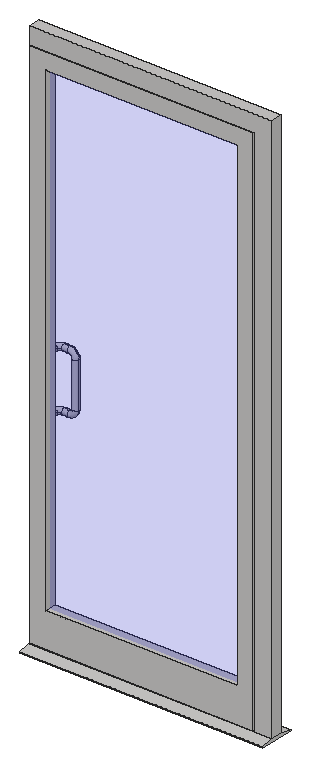
Revit family
Parameters (values of type "As Specified in the Contract Documents")
  ofst2 [instance] = abs(Offset from Exterior Wall Face - (Thickness / 2))  # 0' - 2"
  Top Rail [instance] = 0' - 2 3/4"
  Top RO Spacing = 0' - 0 1/4"
  Top Mechanism Height [instance] = if(Power Operation, 0' 7 1/2", 0' 3.13")  # 0' - 3.13"
  Threshold Width [instance] = 0' - 6"
  Threshold Material [instance] = Stainless Steel w Polished Finish - Ellison
  Thickness = 0' - 2"  # constant formula
  Stile Size [instance] = 0' - 2 3/4"
  SpecWizard = "http://www.arcat.com/specwizard/08480ell/index.htm?coid=32253&mf="
  Revision = "R1_10-2010"
  Right RO Spacing = 0' - 0.13"
  Warranty Duration (Years) = 0
  U_Factor [instance] = 0
  URL = "http://www.ellisonbronze.com/"
  Test Data = "http://www.ellisonbronze.com/newspecs/index.html"
  Specification = "http://www.arcat.com/sdspecs/htm/08480ell.htm"
  Send Message = "http://www.arcat.com/users.pl?action=UserEmail&company=Ellison%20Bronze,%20Inc.&coid=32253&rep=106&fax=716-665-5552&mf="
  Sales Information = "http://www.ellisonbronze.com/contact.html"
  SHGC [instance] = 0
  Rough Width = Width + Right RO Spacing + Left RO Spacing  # 3' - 6.29"
  Rough Height = Height + Right RO Spacing  # 8' - 1.13"
  R_Value [instance] = 0
  Product Properties = ""
  Product Data = "http://www.arcat.com/arcatcos/cos32/arc32253.html"
  Power Operation [instance] = no
  Panel Material = Stainless Steel w Polished Finish - Ellison
  Operation = "As Specified in 08 42 36"
  Muntin Width [instance] = 0' - 0 1/4"
  Model = "As Specified in 08 42 36"
  Minor Door Swing Y Start = Width * 0.507  # 1' - 7.71216"
  Minor Door Swing X Start = Width * 0.6157  # 1' - 11.93842"
  Minor Door Swing Radius = Width * 0.5367  # 1' - 8.8669"
  Manufacturer Website = "http://www.ellisonbronze.com/"
  Manufacturer Phone - Toll Free = "800-665-6445 "
  Manufacturer Phone = "716-665-6522 "
  Manufacturer Fax = "716-665-5552"
  Manufacturer Address = "125 W. Main St., Falconer, NY 14733"
  Manufacturer = "Ellison Bronze, Inc."
  Maintenance Schedule (Months) = 0
  Left RO Spacing = 0' - 3.28"
  Keynote = "08 42 36"
  Installation-Fabrication = "http://www.ellisonbronze.com/instmain.html"
  Installation Phase = "Exterior Enclosure"
  Height = 8' - 1"
  Has Muntins [instance] = no
  Has Miiddle Rail [instance] = no
  Hardware Finish [instance] = Stainless Steel w Polished Finish - Ellison
  Half Stile Size [instance] = Stile Size * 0.5  # 0' - 1 3/8"
  Green Building-LEED = "http://www.arcat.com/green/clients/leed_data_32253.html"
  Glass Thickness = if(Height < 9' 0.1", 0' 0 1/2", 0' 0 3/4")  # 0' - 0 1/2"
  Frame Material = Stainless Steel w Polished Finish - Ellison
  Fire Rating = "As Specified in 08 42 36"
  F588_Forced-Entry = "As Specified in 08 42 36"
  Expected Lifespan (Years) = 0
  E547_Water-Resistance = "As Specified in 08 42 36"
  E330_Structural-Test-Pressure = "As Specified in 08 42 36"
  E283_Air-Infiltration = "As Specified in 08 42 36"
  Drawn By = "Robert S. Weygant. CSI, CDT, SCIP"
  Door Glazing = Glass
  Description = "Stainless Steel Stile and Rail Balanced Door"
  Wall Closure = (empty or 0)
  Width = 3' - 2.88"
  Copyright = "2010 ARCAT, Inc."
  Construction Details = "http://www.ellisonbronze.com/newspecs/index.html"
  Offset from Exterior Wall Face [instance] = -0' - 1"
  Bottom Rail [instance] = 0' - 6"
  Assembly Code = "B2020100"
  AAMA Conformance = "As Specified in 08 42 36"
Reference planes (in)
  plane 1 "Center (Front/Back)": y = 0.3125
  plane 2 "Center (Left/Right)": x = -0.64125
  plane 3 "Left": x = -21.72125
  plane 4 "Right": x = 17.15875
  plane 5 "Center": z = 47.27875
  plane 6 "Exterior": y = 2.3125
  plane 7 "Interior": y = -3.6875
  plane 8 "FrameRight": x = 20.43875
  plane 9 "FrameLeft": x = -21.85125
  plane 10 "FrameUpper": z = 97
  plane 11 "Top": z = 97.25
  plane 12: z = 93.87
  plane 13: z = 0.6875
Forms (in)
  Extrusion 1, solid, material "Stainless Steel w Polished Finish - Ellison" <- "Panel Material"
    sketch origin (0, 0.3125, 0) x (1, 0, 0) y (0, 0, 1)
      loop
        line (17.15875, 93.87) -> (-21.72125, 93.87) -> (-21.72125, 0.6875) -> (17.15875, 0.6875) -> (17.15875, 93.87)
      loop
        line (14.40875, 91.12) -> (-18.97125, 91.12) -> (-18.97125, 6.6875) -> (14.40875, 6.6875) -> (14.40875, 91.12)
    from -1 to 1
  Extrusion 2, solid, material "Glass" <- "Door Glazing"
    sketch origin (0, 0.3125, 0) x (1, 0, 0) y (0, 0, 1)
      loop
        line (17.15875, 93.87) -> (-21.72125, 93.87) -> (-21.72125, 0.6875) -> (17.15875, 0.6875) -> (17.15875, 93.87)
    from -0.25 to 0.25
  Extrusion 3, solid, material "Stainless Steel w Polished Finish - Ellison" <- "Frame Material"
    sketch origin (0, 0.3125, 3.125) x (1, 0, 0) y (0, 0, 1)
      loop
        line (20.43875, 93.875) -> (-21.85125, 93.875) -> (-21.85125, 90.87) -> (17.40875, 90.87) -> (17.40875, -2.625) -> (20.43875, -2.625) -> (20.43875, 93.875)
    from -1 to 1
  Extrusion 4, solid, material "Stainless Steel w Polished Finish - Ellison" <- "Panel Material", visible <- "Has Muntins"
    sketch origin (0, 0.3125, 0) x (1, 0, 0) y (0, 0, 1)
      loop
        line (-0.51625, 91.12) -> (-0.76625, 91.12) -> (-0.76625, 47.40375) -> (-18.97125, 47.40375) -> (-18.97125, 47.15375) -> (-0.76625, 47.15375) -> (-0.76625, 6.6875) -> (-0.51625, 6.6875) -> (-0.51625, 47.15375) -> (14.40875, 47.15375) -> (14.40875, 47.40375) -> (-0.51625, 47.40375) -> (-0.51625, 91.12)
    from -1 to 1
  Extrusion 5, solid, material "Stainless Steel w Polished Finish - Ellison" <- "Threshold Material"
    sketch origin (-0.64125, 0, 0) x (0, 1, 0) y (0, 0, 1)
      loop
        line (3.3125, 0) -> (3.3125, 0.19) -> (1.33515, 0.5) -> (-0.71015, 0.5) -> (-2.6875, 0.19) -> (-2.6875, 0) -> (3.3125, 0)
    from -21.21 to 21.08
  Extrusion 6, solid, material "Stainless Steel w Polished Finish - Ellison" <- "Panel Material", visible <- "Has Miiddle Rail"
    sketch origin (0, 0.3125, -3.71625) x (1, 0, 0) y (0, 0, 1)
      loop
        line (14.40875, 47.40375) -> (-18.97125, 47.40375) -> (-18.97125, 41.40375) -> (14.40875, 41.40375) -> (14.40875, 47.40375)
    from -1 to 1
Lines and regions (in)
  Opening 1
    outline origin (-95.7153, -3.6875, 0) x (1, 0, 0) y (0, 0, 1)
      loop
        line (73.86405, 97.25) -> (73.86405, 0) -> (116.15405, 0) -> (116.15405, 97.25) -> (73.86405, 97.25)
  symbolic lines, style "Elevation Swing"
    curve 1: line (-21.72125, 0, 93.87) -> (17.15875, 0, 47.27875)
    curve 2: line (-21.72125, 0, 0.6875) -> (17.15875, 0, 47.27875)
  symbolic lines, style "DoorsPanelProjection"
    curve 3: line (16.13107, -11.9375, 0) -> (14.13107, -11.9375, 0)
    curve 4: line (16.13107, -11.9375, 0) -> (16.13107, 26.9425, 0)
    curve 5: line (16.13107, 26.9425, 0) -> (14.13107, 26.9425, 0)
    curve 6: line (14.13107, -11.9375, 0) -> (14.13107, 26.9425, 0)
    curve 7: arc (-21.71923, 1.3125, 0) -> (-17.65467, 12.77509, 0) -> (-7.88967, 20.02466, 0) r 20.8669
  symbolic lines, style "Plan Swing"
    curve 8: arc (-7.88967, 20.02466, 0) -> (2.90967, 24.15534, 0) -> (14.13107, 26.9425, 0) r 94.93214
  symbolic lines, style "DoorsFrameMullionProjection"
    curve 9: line (20.43875, 1.3125, 0) -> (17.40875, 1.3125, 0)
    curve 10: line (20.43875, -0.6875, 0) -> (20.43875, 1.3125, 0)
    curve 11: line (17.40875, -0.6875, 0) -> (20.43875, -0.6875, 0)
    curve 12: line (17.40875, 1.3125, 0) -> (17.40875, -0.6875, 0)
  reference lines
    curve 13: line (14.40875, 0.3125, 6.6875) -> (14.40875, 0.3125, 111.6875)
    curve 14: line (-18.97125, 0.3125, 6.6875) -> (-18.97125, 0.3125, 111.6875)
    curve 15: line (4.04875, 0.3125, 91.12) -> (40.40875, 0.3125, 91.12)
    curve 16: line (4.04875, 0.3125, 6.6875) -> (45.40875, 0.3125, 6.6875)
Text (in)
  text "EXTERIOR" at (-79.42766, 23.47596, 0), in view "Ref. Level"
  text "INTERIOR" at (-79.42766, -17.27685, 0), in view "Ref. Level"
  text "Exterior" at (0, 47.2975, 123.29936), in view "Left"
  text "Exterior" at (0, 19.21628, 132.11189), in view "Right"
Dimensions and locks (in)
  host wall to plane 6 "Exterior" = 0' - 0"
  host wall to plane 7 "Interior" = 0' - 0"
  "Width": plane 3 "Left" to plane 4 "Right"
  equal spacing: plane 3 "Left", plane 2 "Center (Left/Right)", plane 8 "FrameRight"
  "Right RO Spacing": plane 9 "FrameLeft" to plane 3 "Left"
  "Left RO Spacing": plane 4 "Right" to plane 8 "FrameRight"
  "ofst2": plane 1 "Center (Front/Back)" to host wall
  locked: plane 13 to level at 0.6875
  equal spacing: plane 13, plane 5 "Center", plane 12
  "Thickness": Extrusion 1 to Extrusion 1
  "Width": curve 5 to curve 3
  "Glass Thickness": Extrusion 2 to Extrusion 2
  equal spacing: Extrusion 2, plane 1 "Center (Front/Back)", Extrusion 2
  equal spacing: Extrusion 1, plane 1 "Center (Front/Back)", Extrusion 1
  locked: curve 3 to plane 1 "Center (Front/Back)" at 12.25
  "Minor Door Swing Y Start": plane 1 "Center (Front/Back)" to curve 8
  "Muntin Width": Extrusion 4 sketch curve to Extrusion 4 sketch curve  (x2)
  equal spacing: Extrusion 4 sketch curve, plane 5 "Center", Extrusion 4 sketch curve
  equal spacing: Extrusion 4 sketch curve, plane 2 "Center (Left/Right)", Extrusion 4 sketch curve
  "Top Mechanism Height": plane 12 to plane 10 "FrameUpper"
  "Height": level to plane 10 "FrameUpper"
  "Top RO Spacing": plane 10 "FrameUpper" to plane 11 "Top"
  locked: curve 6 to plane 8 "FrameRight" at 6.30768
  "Thickness": curve 6 to curve 4
  "Stile Size": curve 13 to plane 4 "Right"
  "Stile Size": plane 3 "Left" to curve 14
  "Top Rail": curve 15 to plane 12
  "Bottom Rail": plane 13 to curve 16
  "Half Stile Size": plane 3 "Left" to nested 1
  equal spacing: Extrusion 5 sketch curve, plane 1 "Center (Front/Back)", Extrusion 5 sketch curve
  locked: Extrusion 5 sketch curve to level at 0.5
  Extrusion 5 sketch curve to plane 1 "Center (Front/Back)" to Extrusion 5 sketch curve = 0' - 1.02265" locked, 0' - 1.02265" locked
  "Threshold Width": Extrusion 5 to Extrusion 5
  level to Extrusion 6 sketch curve to Extrusion 6 sketch curve = 3' - 1 11/16" locked, 0' - 6" locked
  "Minor Door Swing Radius": radius of curve 7
  aligned and locked: Opening 1 sketch curve to plane 8 "FrameRight"
  aligned and locked: plane 9 "FrameLeft" to Opening 1 sketch curve
  aligned and locked: Opening 1 sketch curve to plane 11 "Top"
  aligned and locked: level to Opening 1 sketch curve
  aligned and locked: plane 4 "Right" to curve 2
  aligned and locked: plane 5 "Center" to curve 2
  aligned and locked: Extrusion 1 to curve 7
  aligned and locked: host wall to plane 7 "Interior"
  aligned and locked: plane 6 "Exterior" to host wall
  aligned and locked: curve 5 to curve 8
  aligned and locked: Extrusion 4 sketch curve to Extrusion 4 sketch curve  (x4)
  aligned and locked: Extrusion 3 to curve 9
  aligned and locked: curve 9 to Extrusion 3
  aligned and locked: curve 12 to Extrusion 3  (x2)
  aligned and locked: Extrusion 1 sketch curve to curve 13
  aligned and locked: Extrusion 1 sketch curve to curve 14
  aligned and locked: Extrusion 1 sketch curve to curve 16
  aligned and locked: Extrusion 1 sketch curve to curve 15
  aligned and locked: curve 13 to Extrusion 4 sketch curve
  aligned and locked: Extrusion 4 sketch curve to curve 14
  aligned and locked: curve 15 to Extrusion 4 sketch curve
  aligned and locked: Extrusion 4 sketch curve to curve 16
  aligned and locked: Extrusion 5 to plane 8 "FrameRight"
  aligned and locked: Extrusion 5 to plane 9 "FrameLeft"
  aligned and locked: Extrusion 6 sketch curve to curve 14
  aligned and locked: curve 13 to Extrusion 6 sketch curve
  aligned and locked: Extrusion 1 to Extrusion 4  (x2)
  aligned and locked: Extrusion 1 to Extrusion 6  (x2)
  aligned and locked: Extrusion 3 to Extrusion 1  (x2)
Automatic sketch dimensions
  curve 1 to plane 3 "Left" = 0' - 0"
  curve 1 to plane 12 = 0' - 0"
  curve 2 to plane 3 "Left" = 0' - 0"
  curve 2 to plane 13 = 0' - 0"
  curve 7 to plane 1 "Center (Front/Back)" = 0' - 0.06016"
  curve 7 to plane 2 "Center (Left/Right)" = 0' - 0.23226"
  curve 8 to plane 8 "FrameRight" = 0' - 10.92301"
  Extrusion 1 sketch curve to plane 3 "Left" = 0' - 0"
  Extrusion 1 sketch curve to plane 4 "Right" = 0' - 0"
  Extrusion 1 sketch curve to plane 13 = 0' - 0"
  Extrusion 1 sketch curve to plane 12 = 0' - 0"
  Extrusion 3 sketch curve to plane 9 "FrameLeft" = 0' - 0"
  Extrusion 3 sketch curve to plane 8 "FrameRight" = 0' - 0"
  Extrusion 3 sketch curve to plane 10 "FrameUpper" = 0' - 0"
  Extrusion 3 sketch curve to plane 4 "Right" = 0' - 0 1/4"
  plane 12 to Extrusion 3 sketch curve = 0' - 0 1/8"
  Extrusion 3 sketch curve to plane 13 = 0' - 0 3/16"
  plane 2 "Center (Left/Right)" to curve 15 = 0' - 4.69"
  plane 2 "Center (Left/Right)" to curve 16 = 0' - 4.69"
  curve 15 to plane 8 "FrameRight" = 1' - 7.97"
  curve 16 to plane 8 "FrameRight" = 2' - 0.97"
  plane 13 to curve 14 = 0' - 6"
  plane 11 "Top" to curve 14 = 1' - 2 7/16"
  plane 11 "Top" to curve 13 = 1' - 2 7/16"
  Extrusion 5 sketch curve to level = 0' - 0"
  host wall to Extrusion 5 sketch curve = 0' - 2"
  level to Extrusion 5 sketch curve = 0' - 0.19"  (x2)
  Extrusion 2 sketch curve to plane 3 "Left" = 0' - 0"
  Extrusion 2 sketch curve to plane 4 "Right" = 0' - 0"
  Extrusion 2 sketch curve to plane 13 = 0' - 0"
  Extrusion 2 sketch curve to plane 12 = 0' - 0"
Nested families (in)
  nested 1: "Handle_Offset_Ellison" at (-20.34625, 1.3125, 40.68751) x (1, 0, 0) z (0, 1, 0), type "Handle_Offset_Ellison"
Definition of nested family "Handle_Offset_Ellison"
  Parameters
    Material = none
    Default Elevation = 4' - 0"
  Reference planes (in)
    plane 1 "Center (Front/Back)": y = 0
    plane 2: z = 0
    plane 3 "Center (Left/Right)": x = 0
  Forms (in)
    Sweep 1, solid, material <- "Material"
      path origin (0, 0, 0) x (1, 0, 0) y (0, 1, 0)
        loop
          line (1, -4.99999) -> (2, -4.99999)
          arc (2, -4.99999) -> (2.70635, -4.70785) -> (3, -4.00213) r 1
          line (3, -4.00213) -> (3, 3.99999)
          arc (3, 3.99999) -> (2.7071, 4.70709) -> (2, 4.99999) r 1
          line (2, 4.99999) -> (1, 4.99999)
      profile "PR-Circle : PR-Circle" origin (1.5, 4.99999, 0) x (0, -1, 0) y (0, 0, 1)
        loop
          circle (0, 2.5) r 0.5
    Sweep 2, solid, material <- "Material"
      path origin (2.99999, -7.49999, -2.49999) x (-1, 0, 0) y (0, 0, 1)
        loop
          arc (2, 4.99999) -> (2.70635, 4.70785) -> (3, 4.00213) r 1
          line (3, 4.00213) -> (3, 2.49999)
      profile "PR-Circle : PR-Circle" origin (0.29365, -7.49999, 2.20787) x (-0.706347, 0, 0.707865) y (0, 1, 0)
        loop
          circle (0, 2.5) r 0.5
    Sweep 3, solid, material <- "Material"
      path origin (2.99999, 7.49999, -2.49999) x (-1, 0, 0) y (0, 0, -1)
        loop
          arc (2, -4.99999) -> (2.70635, -4.70785) -> (3, -4.00213) r 1
          line (3, -4.00213) -> (3, -2.49999)
      profile "PR-Circle : PR-Circle" origin (0.29365, 7.49999, 2.20787) x (0.706347, 0, -0.707865) y (0, -1, 0)
        loop
          circle (0, 2.5) r 0.5
  Cuts and joins
    joined: Sweep 1, Sweep 2, Sweep 3
